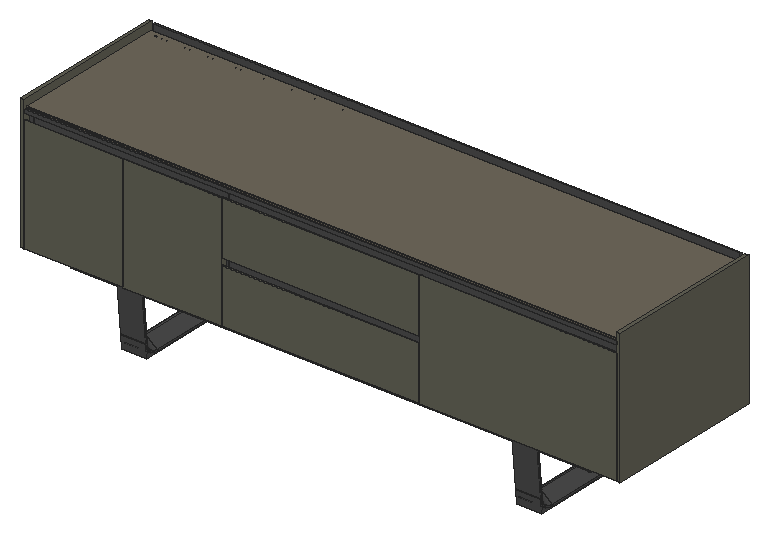
Revit family "Storage-Teknion-CW3A_C+D_Three_Storage_Credenza_29_Height_Elevated_Base-R2020", category Furniture, Revit 2020 (continued)
Dimensions and locks (in)
  aligned and locked: plane 1 "Center Front/Back" to Sweep 30 sketch curve
  aligned and locked: plane 1 "Center Front/Back" to Sweep 31 sketch curve
  aligned and locked: Masking region 1 sketch curve to Sweep 1  (x8)
  aligned and locked: Masking region 1 sketch curve to Sweep 14
  aligned and locked: Sweep 1 to Masking region 1 sketch curve
  aligned and locked: Masking region 1 sketch curve to Sweep 15
  aligned and locked: cut or joined group of Sweep 2, Sweep 30, Sweep 31 to Masking region 1 sketch curve
  aligned and locked: Sweep 15 to Masking region 1 sketch curve  (x2)
  aligned and locked: Masking region 1 sketch curve to cut or joined group of Sweep 2, Sweep 30, Sweep 31
  aligned and locked: curve 1 to Sweep 1
  aligned and locked: curve 2 to Sweep 21
  aligned and locked: curve 3 to Sweep 1
  aligned and locked: curve 4 to Sweep 21
  aligned and locked: curve 5 to Sweep 15
  aligned and locked: curve 6 to Sweep 15
  aligned and locked: curve 7 to cut or joined group of Sweep 2, Sweep 30, Sweep 31
  aligned and locked: curve 8 to Sweep 15
  aligned and locked: curve 9 to Sweep 3
  aligned and locked: curve 10 to Sweep 4
  aligned and locked: curve 11 to Sweep 15
  aligned and locked: curve 12 to Sweep 15
  aligned and locked: curve 13 to Sweep 4
  aligned and locked: curve 14 to Sweep 14
  aligned and locked: curve 15 to Sweep 4
  aligned and locked: curve 16 to Sweep 4
  aligned and locked: curve 17 to Sweep 14
  aligned and locked: curve 18 to Sweep 14
  aligned and locked: curve 19 to Sweep 14
  aligned and locked: curve 20 to Sweep 21
  aligned and locked: curve 21 to Sweep 16
  aligned and locked: Sweep 16 to curve 22
  aligned and locked: curve 23 to Sweep 16
  aligned and locked: curve 24 to Sweep 16
  aligned and locked: curve 25 to Sweep 16
  aligned and locked: curve 26 to Sweep 16
  aligned and locked: curve 27 to Sweep 16
  aligned and locked: curve 28 to Sweep 16
  aligned and locked: curve 29 to Sweep 16
  aligned and locked: curve 30 to Sweep 16
  aligned and locked: curve 31 to Sweep 16
  aligned and locked: curve 32 to Sweep 16
  aligned and locked: curve 36 to Sweep 16
  aligned and locked: curve 34 to Sweep 16
  aligned and locked: curve 33 to Sweep 16
  aligned and locked: Sweep 16 to curve 35
  aligned and locked: Sweep 26 to curve 37
  aligned and locked: Sweep 26 to curve 40
  aligned and locked: curve 43 to Revolve 23
  aligned and locked: curve 44 to Revolve 23
  aligned and locked: curve 45 to Revolve 23
  aligned and locked: curve 46 to Revolve 23
  aligned and locked: curve 47 to Revolve 22
  aligned and locked: curve 48 to Revolve 22
  aligned and locked: curve 49 to Revolve 22
  aligned and locked: curve 50 to Revolve 22
  aligned and locked: curve 51 to Revolve 24
  aligned and locked: curve 52 to Revolve 24
  aligned and locked: curve 53 to Revolve 24
  aligned and locked: curve 54 to Revolve 24
  aligned and locked: curve 55 to Revolve 25
  aligned and locked: curve 56 to Revolve 25
  aligned and locked: curve 57 to Revolve 25
  aligned and locked: curve 58 to Revolve 25
  aligned and locked: curve 59 to Sweep 27
  aligned and locked: curve 60 to Sweep 27
  aligned and locked: curve 61 to Sweep 27
  aligned and locked: curve 62 to Sweep 27
  aligned and locked: curve 63 to Sweep 27
  aligned and locked: curve 64 to Sweep 27
  aligned and locked: Sweep 26 to curve 65
  aligned and locked: curve 66 to Sweep 17
  aligned and locked: curve 67 to Sweep 17
  aligned and locked: Sweep 26 to curve 68
  aligned and locked: curve 69 to Sweep 27
  aligned and locked: curve 70 to Sweep 18
  aligned and locked: curve 71 to Sweep 18
  aligned and locked: curve 72 to Sweep 27
  aligned and locked: curve 73 to Sweep 19
  aligned and locked: curve 74 to Sweep 6
  aligned and locked: curve 75 to Sweep 6
  aligned and locked: curve 76 to Sweep 7
  aligned and locked: curve 77 to Sweep 8
  aligned and locked: curve 78 to Sweep 20
  aligned and locked: curve 79 to Sweep 9
  aligned and locked: curve 81 to Sweep 20
  aligned and locked: curve 89 to Sweep 10
  aligned and locked: curve 91 to Sweep 12
  aligned and locked: curve 93 to plane 6 "Back"
  aligned and locked: curve 94 to plane 4 "Left"
  aligned and locked: curve 95 to plane 7 "Front"
  aligned and locked: curve 96 to plane 5 "Right"
  aligned and locked: curve 97 to curve 7
  aligned and locked: curve 98 to cut or joined group of Sweep 2, Sweep 30, Sweep 31
  aligned and locked: curve 9 to curve 99
  aligned and locked: curve 100 to cut or joined group of Sweep 2, Sweep 30, Sweep 31
  aligned and locked: curve 101 to curve 7
  aligned and locked: cut or joined group of Sweep 2, Sweep 30, Sweep 31 to curve 102
  aligned and locked: curve 9 to curve 103
  aligned and locked: curve 104 to cut or joined group of Sweep 2, Sweep 30, Sweep 31
  aligned and locked: plane 4 "Left" to nested 1
  aligned and locked: nested 3 to plane 4 "Left"
  aligned and locked: nested 2 to plane 5 "Right"
  aligned and locked: nested 4 to plane 5 "Right"
  aligned and locked: nested 6 to plane 4 "Left"
  aligned and locked: plane 4 "Left" to nested 5
  aligned and locked: nested 8 to plane 5 "Right"
  aligned and locked: nested 7 to plane 5 "Right"
  aligned and locked: Sweep 19 to Sweep 11 sketch curve  (x2)
  aligned and locked: Sweep 19 to Sweep 10 sketch curve  (x2)
  aligned and locked: Sweep 20 to Sweep 13 sketch curve  (x2)
  aligned and locked: Sweep 20 to Sweep 12 sketch curve  (x2)
  aligned and locked: plane 3 "Center Left/Right" to Sweep 4 sketch curve
  aligned and locked: Sweep 5 to Sweep 4 sketch curve
  aligned and locked: Sweep 28 sketch curve to plane 15
  aligned and locked: plane 16 to Sweep 29 sketch curve
  aligned and locked: plane 15 to Sweep 34 sketch curve
  aligned and locked: Sweep 34 sketch curve to plane 3 "Center Left/Right"
  aligned and locked: Sweep 7 to Sweep 36 sketch curve
  aligned and locked: Sweep 8 to Sweep 36 sketch curve
  aligned and locked: Sweep 7 to Sweep 35 sketch curve
  aligned and locked: Sweep 8 to Sweep 35 sketch curve
  aligned and locked: curve 42 to Sweep 17
  aligned and locked: curve 41 to Sweep 17
  aligned and locked: curve 105 to Sweep 4
  aligned and locked: curve 106 to Sweep 4
  aligned and locked: curve 107 to Sweep 4
  aligned and locked: curve 108 to Sweep 4
  aligned and locked: curve 110 to Sweep 32
  aligned and locked: curve 109 to Sweep 10
  aligned and locked: curve 111 to curve 74
  aligned and locked: curve 112 to Sweep 10
  aligned and locked: curve 114 to curve 76
  aligned and locked: curve 115 to Sweep 7
  aligned and locked: curve 116 to Sweep 7
  aligned and locked: curve 120 to curve 77
  aligned and locked: curve 118 to Sweep 8
  aligned and locked: curve 117 to Sweep 8
  aligned and locked: curve 121 to Sweep 33
  aligned and locked: curve 122 to Sweep 33
  aligned and locked: curve 123 to Sweep 33
  aligned and locked: curve 126 to curve 117
  aligned and locked: nested 9 to plane 6 "Back"
  aligned and locked: plane 15 to nested 9
  aligned and locked: plane 16 to nested 10
  aligned and locked: nested 10 to plane 6 "Back"
  aligned and locked: plane 17 to nested 11
  aligned and locked: nested 15 to plane 17
  aligned and locked: plane 17 to nested 16
  aligned and locked: nested 14 to plane 17
  aligned and locked: plane 17 to nested 12
  aligned and locked: nested 13 to plane 17
  aligned and locked: Sweep 34 to Sweep 28
Automatic sketch dimensions
  curve 94 to curve 95 = 2.000"
  curve 96 to curve 95 = 2.000"
  curve 93 to curve 96 = 2.000"
  curve 93 to curve 94 = 2.000"
  Sweep 2 sketch curve to plane 8 "Top" = 3.05118"
  Sweep 5 sketch curve to plane 8 "Top" = 1.7126"
  Sweep 5 sketch curve to profile plane = 0.000"
  Sweep 6 sketch curve to Sweep 6 sketch curve = 0.11811"
  Sweep 7 sketch curve to profile plane = 0.000"
  Sweep 7 sketch curve to Sweep 7 sketch curve = 0.11811"
  Sweep 8 sketch curve to Sweep 8 sketch curve = 0.11811"
  Sweep 9 sketch curve to Sweep 9 sketch curve = 0.11811"
  Sweep 10 sketch curve to Sweep 10 sketch curve = 0.6063"
  Sweep 10 sketch curve to Sweep 10 sketch curve = 0.11811"
  Sweep 11 sketch curve to Sweep 11 sketch curve = 7.51969"
  Sweep 11 sketch curve to Sweep 11 sketch curve = 0.11811"
  Sweep 12 sketch curve to Sweep 12 sketch curve = 0.6063"
  Sweep 12 sketch curve to Sweep 12 sketch curve = 0.11811"
  Sweep 13 sketch curve to Sweep 13 sketch curve = 7.51969"
  Sweep 13 sketch curve to Sweep 13 sketch curve = 0.11811"
  level to Sweep 14 sketch curve = 26.32283"
  Sweep 15 sketch curve to Sweep 15 sketch curve = 0.05568"  (x3)
  Sweep 15 sketch curve to Sweep 15 sketch curve = 0.02784"  (x3)
  plane 12 to Sweep 16 sketch curve = 6.44685"
  Sweep 16 sketch curve to plane 13 = 6.44685"
  profile plane to Sweep 16 sketch curve = 0.000"
  Sweep 16 sketch curve to Sweep 16 sketch curve = 0.020"  (x2)
  profile plane to Sweep 16 sketch curve = 0.020"  (x2)
  plane 11 to Sweep 17 sketch curve = 1.88617"
  Sweep 17 sketch curve to profile plane = 0.10359"  (x2)
  Sweep 17 sketch curve to profile plane = 0.12003"
  Sweep 17 sketch curve to Sweep 17 sketch curve = 0.20069"
  Sweep 17 sketch curve to Sweep 17 sketch curve = 2.16609"
  Sweep 17 sketch curve to Sweep 17 sketch curve = 2.15706"
  Sweep 17 sketch curve to Sweep 17 sketch curve = 1.15641"  (x2)
  Sweep 17 sketch curve to Sweep 17 sketch curve = 0.03505"
  Sweep 17 sketch curve to Sweep 17 sketch curve = 0.000"  (x2)
  Sweep 18 sketch curve to plane 14 = 1.88617"
  Sweep 18 sketch curve to profile plane = 0.10359"  (x2)
  Sweep 18 sketch curve to profile plane = 0.12003"
  Sweep 18 sketch curve to Sweep 18 sketch curve = 0.20069"  (x2)
  Sweep 18 sketch curve to Sweep 18 sketch curve = 2.15706"  (x2)
  Sweep 18 sketch curve to Sweep 18 sketch curve = 1.15641"  (x2)
  Sweep 18 sketch curve to Sweep 18 sketch curve = 0.000"  (x2)
  Sweep 19 sketch curve to profile plane = 0.6063"
  Sweep 20 sketch curve to profile plane = 0.6063"
  profile plane to Sweep 21 sketch curve = 0.21654"
  profile plane to Sweep 21 sketch curve = 0.05906"
  Revolve 22 sketch curve to level = 0.000"  (x2)
  level to Revolve 22 sketch curve = 0.080"
  level to Revolve 22 sketch curve = 0.125"
  Revolve 22 sketch curve to Revolve 22 sketch curve = 0.000"
  Revolve 23 sketch curve to Revolve 23 sketch curve = 0.045"
  Revolve 24 sketch curve to Revolve 24 sketch curve = 0.045"
  Revolve 25 sketch curve to Revolve 25 sketch curve = 0.045"
  plane 9 to Sweep 26 sketch curve = 0.90373"
  level to Sweep 26 sketch curve = 2.39468"
  Sweep 26 sketch curve to plane 10 = 0.90373"
  Sweep 26 sketch curve to Sweep 26 sketch curve = 0.15188"
  Sweep 26 sketch curve to Sweep 26 sketch curve = 0.0442"  (x2)
  Sweep 26 sketch curve to Sweep 26 sketch curve = 0.00209"
  Sweep 26 sketch curve to Sweep 26 sketch curve = 0.04629"
  Sweep 26 sketch curve to Sweep 26 sketch curve = 0.02179"
  Sweep 26 sketch curve to Sweep 26 sketch curve = 0.05996"
  plane 9 to Sweep 27 sketch curve = 0.90373"
  Sweep 27 sketch curve to plane 10 = 0.90373"
  Sweep 27 sketch curve to Sweep 27 sketch curve = 0.00209"  (x2)
  Sweep 27 sketch curve to Sweep 27 sketch curve = 0.15188"
  Sweep 30 sketch curve to Sweep 30 sketch curve = 0.250"  (x4)
  Sweep 31 sketch curve to Sweep 31 sketch curve = 0.250"  (x4)
  Masking region 1 sketch curve to plane 12 = 0.02953"
  Masking region 1 sketch curve to Masking region 1 sketch curve = 0.05906"
  Sweep 32 sketch curve to profile plane = 0.000"
  plane 1 "Center Front/Back" to Sweep 34 sketch curve = 10.29016"
  Sweep 34 sketch curve to Sweep 34 sketch curve = 0.3622"
  Sweep 35 sketch curve to plane 8 "Top" = 10.87402"
  Sweep 36 sketch curve to plane 8 "Top" = 11.87402"
  plane 7 "Front" to curve 3 = 0.000"
  curve 1 to plane 7 "Front" = 0.000"
  plane 6 "Back" to curve 5 = 0.000"
  curve 1 to plane 6 "Back" = 0.000"
  curve 6 to plane 6 "Back" = 0.000"
  curve 11 to plane 6 "Back" = 0.000"
  plane 6 "Back" to curve 3 = 0.000"
  curve 33 to curve 21 = 0.5853"
  curve 112 to plane 7 "Front" = 0.03937"
  plane 1 "Center Front/Back" to curve 63 = 1.98365"
  curve 64 to plane 1 "Center Front/Back" = 1.77772"
  curve 42 to plane 1 "Center Front/Back" = 1.87468"
  curve 41 to plane 1 "Center Front/Back" = 1.93624"
  curve 12 to curve 5 = 0.000"
  curve 8 to plane 13 = 0.47047"
  curve 91 to plane 7 "Front" = 0.03937"
  curve 89 to plane 7 "Front" = 0.03937"
  curve 88 to curve 91 = 0.000"
  curve 85 to curve 89 = 0.000"
  curve 81 to curve 88 = 0.000"
  curve 80 to plane 7 "Front" = 0.03937"
  curve 73 to curve 85 = 0.000"
  plane 14 to curve 80 = 0.02962"
  curve 127 to curve 78 = 0.000"
Nested families (in)
  nested 1: "Teknion_2D_Node_Family-R2020" at (-15, 2, 0.00394) x (0.7071, 0.7071, 0) z (0, 0, 1), visible <- "24 2D Node", type "Teknion_2D_Node_Family-R2020"
  nested 2: "Teknion_2D_Node_Family-R2020" at (75, 2, 0.00394) x (0.7071, 0.7071, 0) z (0, 0, 1), visible <- "24 2D Node", type "Teknion_2D_Node_Family-R2020"
  nested 3: "Teknion_2D_Node_Family-R2020" at (-15, -22, 0.00394) x (0.7071, -0.7071, 0) z (0, 0, 1), visible <- "24 2D Node", type "Teknion_2D_Node_Family-R2020"
  nested 4: "Teknion_2D_Node_Family-R2020" at (75, -22, 0.00394) x (0.7071, -0.7071, 0) z (0, 0, 1), visible <- "24 2D Node", type "Teknion_2D_Node_Family-R2020"
  nested 5: "Teknion_2D_Node_Family-R2020" at (-15, 0, 0.00394) x (0.7071, 0.7071, 0) z (0, 0, 1), visible <- "20 2D Node", type "Teknion_2D_Node_Family-R2020"
  nested 6: "Teknion_2D_Node_Family-R2020" at (-15, -20, 0.00394) x (0.7071, 0.7071, 0) z (0, 0, 1), visible <- "20 2D Node", type "Teknion_2D_Node_Family-R2020"
  nested 7: "Teknion_2D_Node_Family-R2020" at (75, -20, 0.00394) x (0.7071, 0.7071, 0) z (0, 0, 1), visible <- "20 2D Node", type "Teknion_2D_Node_Family-R2020"
  nested 8: "Teknion_2D_Node_Family-R2020" at (75, 0, 0.00394) x (0.7071, 0.7071, 0) z (0, 0, 1), visible <- "20 2D Node", type "Teknion_2D_Node_Family-R2020"
  nested 9: "Teknion_2D_Node_Family-R2020" at (15.18963, 2, 0.00394), visible <- "Middle Left Node", type "Teknion_2D_Node_Family-R2020"
  nested 10: "Teknion_2D_Node_Family-R2020" at (44.81037, 2, 0.00394), visible <- "Middle Right Node", type "Teknion_2D_Node_Family-R2020"
  nested 11: "Door-Swing_Symbol-Teknion-2D" at (-7.02657, -21.23622, 0.00394) x (-1, 0, 0) z (0, 0, 1), Swing Width <- "Door L/R Size", visible <- "Left Double Door", type "Standard", detail levels fine
    with Swing Width 14.750", Door Thickness 0.724"
  nested 12: "Door-Swing_Symbol-Teknion-2D" at (52.21521, -21.23622, 0.00394) x (-1, 0, 0) z (0, 0, 1), Swing Width <- "Door L/R Size", visible <- "Right Double Door", type "Standard", detail levels fine
    with Swing Width 14.750", Door Thickness 0.724"
  nested 13: "Door-Swing_Symbol-Teknion-2D" at (67.02657, -21.23622, 0.00394), Swing Width <- "Door L/R Size", visible <- "Right Double Door", type "Standard", detail levels fine
    with Swing Width 14.750", Door Thickness 0.724"
  nested 14: "Door-Swing_Symbol-Teknion-2D" at (37.40581, -21.23622, 0.00394), Swing Width <- "Door C Size", visible <- "Center Closed Storage", type "Standard", detail levels fine
    with Swing Width 14.750", Door Thickness 0.724"
  nested 15: "Door-Swing_Symbol-Teknion-2D" at (7.78447, -21.23622, 0.00394), Swing Width <- "Door L/R Size", visible <- "Left Double Door", type "Standard", detail levels fine
    with Swing Width 14.750", Door Thickness 0.724"
  nested 16: "Door-Swing_Symbol-Teknion-2D" at (22.59486, -21.23622, 0.00394) x (-1, 0, 0) z (0, 0, 1), Swing Width <- "Door C Size", visible <- "Center Closed Storage", type "Standard", detail levels fine
    with Swing Width 14.750", Door Thickness 0.724"
Definition of nested family "Teknion_2D_Node_Family-R2020"
  Reference planes (in)
    plane 1 "Center (Front/Back)": y = 0
    plane 2: z = 0
    plane 3 "Center (Left/Right)": x = 0
  Lines and regions (in)
    detail lines, in view "Ref. Level"
      curve 1: circle (0, 0, 0) r 1.25 normal (0, 0, 1)
      curve 2: line (1.91508, -1.91508, 0) -> (-1.91508, 1.91508, 0)
      curve 3: line (-1.91508, -1.91508, 0) -> (1.91508, 1.91508, 0)
Definition of nested family "Door-Swing_Symbol-Teknion-2D"
  Parameters (values of type "Standard")
    Swing Width [instance] = 26.000"
    Door Thickness [instance] = 2.000"
    Assembly Code = ""
  Reference planes (in)
    plane 1 "Center (Front/Back)": y = 0
    plane 2: z = 0
    plane 3 "Center (Left/Right)": x = 0
    plane 4: x = -13
    plane 5: x = 13
  Lines and regions (in)
    Masking region 1, in view "Ref. Level"
      outline origin (0, 0, 0) x (1, 0, 0) y (0, 1, 0)
        loop
          line (11, 0) -> (11, -26) -> (13, -26) -> (13, 0) -> (11, 0)
    detail lines, in view "Ref. Level"
      curve 1: line (13, 0, 0) -> (13, -26, 0)
      curve 2: arc (-13, 0, 0) -> (-5.38478, -18.38478, 0) -> (13, -26, 0) r 26
  Dimensions and locks (in)
    equal spacing: plane 4, plane 3 "Center (Left/Right)", plane 5
    "Swing Width": plane 4 to plane 5
    "Swing Width": curve 1 to plane 1 "Center (Front/Back)"
    "Swing Width": Masking region 1 sketch curve to Masking region 1 sketch curve
    "Door Thickness": Masking region 1 sketch curve to Masking region 1 sketch curve
    "Swing Width": radius of curve 2
    aligned and locked: plane 1 "Center (Front/Back)" to curve 1
    aligned and locked: plane 1 "Center (Front/Back)" to Masking region 1 sketch curve
    aligned and locked: Masking region 1 sketch curve to plane 5
  Automatic sketch dimensions
    curve 2 to plane 4 = 0.000"
Types (5): name | Width | Top Finish | Right Waste | Right V&A Cut out | Right V&A 2D Lines | Right Double Door | Left Waste | Left V&A Cut Out | Left V&A 2D Lines | Left Drawers | Left Double Door | Door L/R Size | Door C Size | Description | Case Finish | 24 2D Node | 20 2D Node | (DDW) Left Drawers, Center Drawers, Right Waste | Model | (WDA) Left Wasted, Center Drawers, Right A/V | Depth | (ADW) Left A/V, Center Drawers, Right Waste
  (no name) | 90.000" | Veneer - Teknion - VJ - Bistre | yes | 8.000" | no | no | no | 15.000" | yes | no | yes | 14.750" | 14.750" | "C+D Three Storage Credenza, 29\" Height, Elevated Based, 24\" Depth, 90\" Width" | Veneer - Teknion - VP - Chia | yes | no | no | "CW3A_2490" | no | 24.000" | yes
  20D x 90W | 90.000" | Veneer -Teknion - UR - Rustic Oak - Natural | yes | 8.000" | no | no | no | 8.000" | no | yes | no | 14.750" | 14.750" | "C+D Three Storage Credenza, 29\" Height, Elevated Based, 20\" Depth, 90\" Width" | Veneer -Teknion - UZ - Rustic Oak - Truffle | no | yes | yes | "CW3A_2090" | no | 20.000" | no
  20D x 108W | 108.000" | Back-painted Glass - BQ - Teknion - Anthracite | no | 15.000" | yes | yes | yes | 8.000" | no | no | no | 17.769" | 17.750" | "C+D Three Storage Credenza, 29\" Height, Elevated Based, 20\" Depth, 108\" Width" | Veneer - Teknion - VJ - Bistre | no | yes | no | "CW3A_20108" | yes | 20.000" | no
  24D x 108W | 108.000" | Veneer -Teknion - UR - Rustic Oak - Natural | yes | 8.000" | no | no | no | 8.000" | no | yes | no | 17.769" | 17.750" | "C+D Three Storage Credenza, 29\" Height, Elevated Based, 24\" Depth, 108\" Width" | Veneer - Teknion - VP - Chia | yes | no | yes | "CW3A_24108" | no | 24.000" | no
  24D x 90W | 90.000" | Veneer - Teknion - VJ - Bistre | yes | 8.000" | no | no | no | 15.000" | yes | no | yes | 14.750" | 14.750" | "C+D Three Storage Credenza, 29\" Height, Elevated Based, 24\" Depth, 90\" Width" | Veneer - Teknion - VP - Chia | yes | no | no | "CW3A_2490" | no | 24.000" | yes
